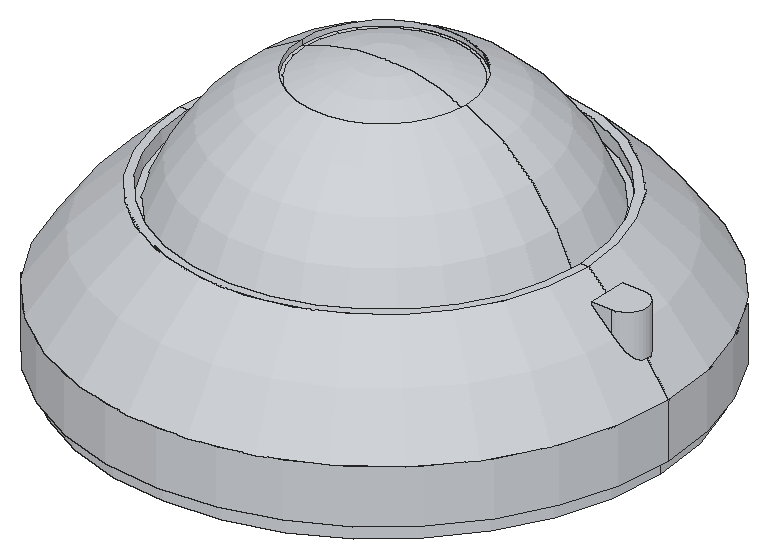
Revit family "Gira_537702", category Electrical Fixtures, host Face, Revit 2017
Family settings
  Host = Face
  Maintain Annotation Orientation = Yes
  Round Connector Dimension = Use Diameter
  Part Type = Normal
  Cut with Voids When Loaded = No
  Shared = No
  Room Calculation Point = No
Parameters (values of type "S3000 Präsenz- + Beweg.m. 360°-Aufs. BT Wächter")
  Überbrückungsschalter = "No"
  Zwangseinschaltung = "No"
  Zwangsabschaltung = "No"
  Werkstoffgüte = "sonstige"
  Werkstoff = "sonstige"
  Vernetzbar = "No"
  Unterkriechschutz/Rückfeldüberwachung = "No"
  URL = "http://katalog.gira.de/de_DE/datenblatt.html?artikelnr=537702"
  Treppenhausüberwachung = "No"
  Transparent = "No"
  Tierschneise = "No"
  Teach-Funktion für Ansprechhelligkeit = "No"
  Sensortyp = "passiv Infrarot"
  Scanwinkel = "360 °"
  Region = "DE"
  Oberfläche = "sonstige"
  Nebenstelleneingang = "Yes"
  Name = "S3000 Präsenz- + Beweg.m. 360°-Aufs. BT Wächter"
  Montageart = "sonstige"
  Mit Signaleinheit = "No"
  Mit Fernbedienung = "No"
  Mit DALI-Schnittstelle = "No"
  Manufacturer URL = "https://www.gira.de/"
  Konstantlichtregelung = "Yes"
  Keynote = "Bewegungsmelder_360°-Aufsatz"
  HeinzeBIM = "https://bimportal.heinze.de/bim/s3000-praesenz-beweg-m-360-aufs-bt-waechter/fb581fe04e710a97b5165a7e508656bc28bf388f"
  Halogenfrei = "Yes"
  HLK-Ansteuerung = "No"
  HAN = "537702"
  Geeignet für drahtlose Übertragung = "No"
  Geeignet für Wandmontage = "Yes"
  Geeignet für Deckenmontage = "Yes"
  Geeignet für C-Last = "No"
  GTIN = "4010337052227"
  Fernbedienbar = "Yes"
  Farbe = "weiß"
  Default Elevation = 1219.2 mm
  Data sheet (1) = "https://katalog.gira.de/de_DE/download.html?artikelnr=537702"
  Category = "Bewegungsmelder komplett"
  Available = "Yes"
  Ausführung = "Präsenzmelder"
  Antibakterielle Behandlung = "No"
  Ansprechhelligkeit einstellbar = "Yes"
  Ansprechempfindlichkeit einstellbar = "Yes"
  Anschlussart = "sonstige"
  Alarmfunktion = "No"
  Abdimmfunktion mit Dimmeinsatz = "Yes"
Reference planes
  plane 1 "Center (Front/Back)": y = 0
  plane 2: z = 0
  plane 3 "Center (Left/Right)": x = 0
Forms (mm)
  Revolve 1, solid, detail levels fine
    sketch origin (0, 0, 0) x (1, 0, 0) y (0, 0, 1)
      loop
        line (-14.45, 43.996) -> (0, 43.996) -> (0, 47.07)
        arc (0, 47.07) -> (-7.387, 46.293) -> (-14.45, 43.996) r 35.5
      axis (0, 47.07) -> (0, 43.996)
    angle from 0 to 360
  Revolve 2, solid, detail levels fine
    sketch origin (0, 0, 0) x (1, 0, 0) y (0, 0, 1)
      loop
        line (-34.401, 23.8) -> (0, 23.8) -> (0, 43.996) -> (-15, 43.996) -> (-15, 44.875)
        arc (-15, 44.875) -> (-26.854, 36.32) -> (-34.401, 23.8) r 36.5
      axis (0, 44.875) -> (0, 23.8)
    angle from 0 to 360
  Revolve 3, solid, detail levels fine
    sketch origin (0, 0, 0) x (1, 0, 0) y (0, 0, 1)
      loop
        line (-51.5, 9.786) -> (-51.5, 0) -> (0, 0) -> (0, 23.8) -> (-35.498, 23.8) -> (-35.498, 26.29) -> (-36.928, 26.29)
        arc (-36.928, 26.29) -> (-44.977, 18.712) -> (-51.5, 9.786) r 60
      axis (0, 26.29) -> (0, 0)
    angle from 0 to 360
  Revolve 4, solid, detail levels fine
    sketch origin (0, 0, 0) x (1, 0, 0) y (0, 0, 1)
      loop
        line (-49.958, -2.789) -> (-48.958, -2.789) -> (-48.958, -1.289) -> (-47.669, 0) -> (-49.958, 0) -> (-49.958, -2.789)
      axis (0, 0) -> (0, -2.789)
    angle from 0 to 360
  Extrusion 5, solid
    sketch origin (0, 0, 0) x (1, 0, 0) y (0, 1, 0)
      loop
        line (-24.15, 19.208) -> (-24.15, -19.208)
        spline (-24.15, -19.208) -> (-24.108, -19.848) -> (-23.983, -20.476) -> (-23.777, -21.083) -> (-23.494, -21.658) -> (-23.138, -22.191) -> (-22.715, -22.673) -> (-22.233, -23.095) -> (-21.7, -23.452) -> (-21.125, -23.735) -> (-20.518, -23.941) -> (-19.89, -24.066) -> (-19.25, -24.108)
        line (-19.25, -24.108) -> (19.166, -24.108)
        spline (19.166, -24.108) -> (19.806, -24.066) -> (20.434, -23.941) -> (21.041, -23.735) -> (21.616, -23.452) -> (22.149, -23.095) -> (22.631, -22.673) -> (23.053, -22.191) -> (23.409, -21.658) -> (23.693, -21.083) -> (23.899, -20.476) -> (24.024, -19.848) -> (24.066, -19.208)
        line (24.066, -19.208) -> (24.066, 19.208)
        spline (24.066, 19.208) -> (24.024, 19.848) -> (23.899, 20.476) -> (23.693, 21.083) -> (23.409, 21.658) -> (23.053, 22.191) -> (22.631, 22.673) -> (22.149, 23.095) -> (21.616, 23.452) -> (21.041, 23.735) -> (20.434, 23.941) -> (19.806, 24.066) -> (19.166, 24.108)
        line (19.166, 24.108) -> (-19.25, 24.108)
        spline (-19.25, 24.108) -> (-19.89, 24.066) -> (-20.518, 23.941) -> (-21.125, 23.735) -> (-21.7, 23.452) -> (-22.233, 23.095) -> (-22.715, 22.673) -> (-23.138, 22.191) -> (-23.494, 21.658) -> (-23.777, 21.083) -> (-23.983, 20.476) -> (-24.108, 19.848) -> (-24.15, 19.208)
    from -0.889 to 1
  Extrusion 6, solid, detail levels fine
    sketch origin (0, 0, 0) x (1, 0, 0) y (0, 1, 0)
      loop
        arc (-4.754, 14.878) -> (-4.578, 14.454) -> (-4.154, 14.278) r 0.6
        line (-4.154, 14.278) -> (4.07, 14.278)
        arc (4.07, 14.278) -> (4.494, 14.454) -> (4.67, 14.878) r 0.6
        line (4.67, 14.878) -> (4.67, 20.902)
        arc (4.67, 20.902) -> (4.494, 21.326) -> (4.07, 21.502) r 0.6
        line (4.07, 21.502) -> (-4.154, 21.502)
        arc (-4.154, 21.502) -> (-4.585, 21.327) -> (-4.772, 20.902) r 0.618
        line (-4.772, 20.902) -> (-4.754, 14.878)
    from -15.789 to -0.889
  Extrusion 7, solid, detail levels fine
    sketch origin (0, 0, 0) x (1, 0, 0) y (0, 0, 1)
      loop
        line (-23.006, -13.231) -> (-21.623, -13.401) -> (-24.296, -6.252) -> (-23.502, 0.211) -> (-24.954, 0.211) -> (-24.887, -1.083) -> (-25.353, -6.415) -> (-23.006, -13.231)
      loop
        line (23.006, -13.231) -> (25.353, -6.415) -> (24.887, -1.083) -> (24.954, 0.211) -> (23.502, 0.211) -> (24.296, -6.252) -> (21.623, -13.401) -> (23.006, -13.231)
    from -11.1 to -7.9
  Extrusion 8, solid, detail levels fine
    sketch origin (0, 0, 0) x (1, 0, 0) y (0, 0, -1)
      loop
        line (-23.006, 13.231) -> (-25.353, 6.415) -> (-24.887, 1.083) -> (-24.954, -0.211) -> (-23.502, -0.211) -> (-24.296, 6.252) -> (-21.623, 13.401) -> (-23.006, 13.231)
      loop
        line (23.006, 13.231) -> (21.623, 13.401) -> (24.296, 6.252) -> (23.502, -0.211) -> (24.954, -0.211) -> (24.887, 1.083) -> (25.353, 6.415) -> (23.006, 13.231)
    from -11.1 to -7.9
  Extrusion 9, solid, detail levels fine
    sketch origin (0, 0, 0) x (1, 0, 0) y (0, 1, 0)
      loop
        line (40.39, 3.5) -> (40.39, -3.5) -> (44, -3.5)
        arc (44, -3.5) -> (47.5, 0) -> (44, 3.5) r 3.5
        line (44, 3.5) -> (40.39, 3.5)
    from 11.739 to 23.27
  Revolve 10, solid, detail levels medium
    sketch origin (0, 0, 0) x (1, 0, 0) y (0, 0, 1)
      loop
        line (-51.5, 9.786) -> (-51.5, 0) -> (0, 0) -> (0, 47.202)
        arc (0, 47.202) -> (-31.658, 36.626) -> (-51.5, 9.786) r 55.419
      axis (0, 47.202) -> (0, 0)
    angle from 0 to 360
  Extrusion 11, solid, detail levels medium
    sketch origin (0, 0, 0) x (1, 0, 0) y (0, 1, 0)
      loop
        circle (0, 0) r 49.958
    from -2.789 to 0
  Extrusion 12, solid, detail levels medium
    sketch origin (0, 0, 0) x (1, 0, 0) y (0, 0, -1)
      loop
        line (-24.954, -0.211) -> (-21.623, -0.211) -> (-21.623, 13.401) -> (-24.954, 13.401) -> (-24.954, -0.211)
      loop
        line (24.954, -0.211) -> (24.954, 13.401) -> (21.623, 13.401) -> (21.623, -0.211) -> (24.954, -0.211)
    from -11.1 to -7.9
  Extrusion 13, solid, detail levels medium
    sketch origin (0, 0, 0) x (1, 0, 0) y (0, 0, 1)
      loop
        line (-24.954, 0.211) -> (-24.954, -13.401) -> (-21.623, -13.401) -> (-21.623, 0.211) -> (-24.954, 0.211)
      loop
        line (24.954, 0.211) -> (21.623, 0.211) -> (21.623, -13.401) -> (24.954, -13.401) -> (24.954, 0.211)
    from -11.1 to 0
  Extrusion 14, solid, detail levels coarse
    sketch origin (0, 0, 0) x (1, 0, 0) y (0, 1, 0)
      loop
        circle (0, 0) r 51.5
    from -15.789 to 47.07
  Extrusion 15, solid, detail levels medium
    sketch origin (0, 0, 0) x (1, 0, 0) y (0, 1, 0)
      loop
        line (-4.752, 14.278) -> (4.67, 14.278) -> (4.67, 21.502) -> (-4.773, 21.502) -> (-4.752, 14.278)
    from -15.789 to -0.889
Dimensions and locks
  aligned and locked: plane 2 to host face
  aligned and locked: level to host face
  aligned and locked: nested 1 to plane 3 "Center (Left/Right)"
  aligned and locked: plane 1 "Center (Front/Back)" to nested 1
Nested families
  nested 1: "Belegungssensor - Bewegung - Aufputz - Beschriftung" at (0, 0, 0) x (0, -1, 0) z (0, 0, 1), type "Belegungssensor - Bewegung - Aufputz - Beschriftung"
Connectors
  electrical at (0, 0, -15.789)
    settings: on Extrusion 14, index 1, voltage 220 V, apparent load 0 VA, apparent load phase1 0 VA, apparent load phase2 0 VA, apparent load phase3 0 VA, power factor 1, load classification "Other", number of poles 1, system type 30, power factor state 1, is connector primary yes, connector utility no, sub classification motor no, connector description ""
Definition of nested family "Belegungssensor - Bewegung - Aufputz - Beschriftung"
  Reference planes
    plane 1: y = 0
    plane 2: x = 0
  Lines and regions (mm)
    Filled region 1, type "Gefüllter Bereich 1"
      outline origin (143.425, -20.712, 0) x (1, 0, 0) y (0, 1, 0)
        loop
          line (-148.697, 21.204) -> (-148.697, 20.409) -> (-147.583, 20.807) -> (-148.697, 21.204)
    Filled region 2, type "Gefüllter Bereich 1"
      outline origin (141.808, 30.001, 0) x (0.939693, 0.34202, 0) y (-0.34202, 0.939693, 0)
        loop
          line (-148.694, 21.203) -> (-148.694, 20.41) -> (-147.583, 20.807) -> (-148.694, 21.203)
    Filled region 3, type "Gefüllter Bereich 1"
      outline origin (141.819, -29.825, 0) x (-0.34202, -0.939693, 0) y (0.939693, -0.34202, 0)
        loop
          line (21.204, -148.697) -> (20.807, -147.583) -> (20.409, -148.697) -> (21.204, -148.697)
    detail lines
      curve 1: line (-1.207, 0.095, 0) -> (-3.486, 1.411, 0)
      curve 2: line (-1.207, 0.095, 0) -> (-3.486, -1.221, 0)
      curve 5: arc (-3.252, 1.752, 0) -> (-3.839, 0.095, 0) -> (-3.252, -1.562, 0) r 2.632
      curve 6: line (-6, 3, 0) -> (0, 3, 0)
      curve 7: line (-6, -3, 0) -> (-6, 3, 0)
      curve 8: line (0, -3, 0) -> (-6, -3, 0)
      curve 9: line (0, 3, 0) -> (0, -3, 0)
    reference lines
      curve 3: line (-1.207, 0.095, 0) -> (-3.616, 2.046, 0)
      curve 4: line (-1.207, 0.095, 0) -> (-3.616, -1.856, 0)
  Dimensions and locks
    curve 1 to curve 1 = 2.632 mm
    curve 2 to curve 2 = 2.632 mm
    curve 6 to curve 8 = 6 mm
    curve 7 to curve 9 = 6 mm
    angle curve 1 to curve 2 = 60.00°
    aligned and locked: curve 6 to curve 7
    aligned and locked: curve 9 to curve 9
